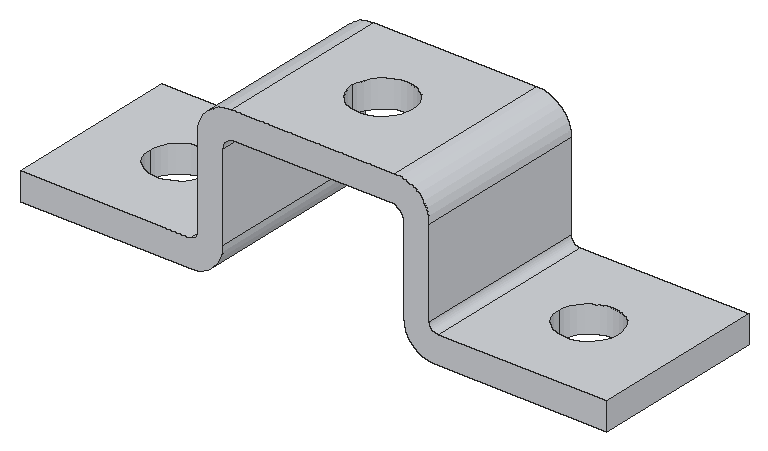
Revit family "Fitting-U_Shape-Unistrut-P4047", category Specialty Equipment, Revit 2012
Parameters (values of type "P4047")
  ecoScorecard_data = "http://products.ecoscorecard.com/atkore/P4047"
  ecoScorecard Product Page = "http://products.ecoscorecard.com/atkore/P4047?action=html"
  Weight Per Piece = 0.71 lbf
  Unit = none
  Unistrut Part Number = "P4047"  # constant formula
  URL = "http://unistrut.us/index.php"
  Thickness = 1/4"
  Subcategory = "U Shape Fittings"
  Product Page URL = "http://unistrut.us/index.php?WP=cat_detail&S=S05&P=P4047"
  Power Strut Part Number = "PS 929"  # constant formula
  Part Type = "Fitting"  # constant formula
  Overall Width = 5 3/8"
  Overall Length = 1 3/16"
  Overall Height = 1 5/8"
  Model = "P4047"
  Material = ""
  Manufacturer Phone - Toll Free = "800-882-5543"  # constant formula
  Manufacturer Phone = "708-339-1610"  # constant formula
  Manufacturer Fax = "708-339-7814"  # constant formula
  Manufacturer Email = "mailto:jshaw@atkore.com"
  Manufacturer Address = "16100 South Lathrop Avenue, Harvey, IL 60426"  # constant formula
  Manufacturer = "Unistrut by Atkore International"  # constant formula
  Load Capacity Note = "Visit the product page for load application and capacity."  # constant formula
  Literature URL = "http://unistrut.us/index.php?WP=LItLibrary"
  Hole Diameter = 9/16"
  Default Elevation = 48"
  Cost Info = "mailto:jshaw@atkore.com"
  Construction Note = ""
  Category = "Specialty Equipment"  # constant formula
  CAD URL = "http://unistrut.us/index.php?WP=CAD3d"
  Assembly Code = "D5020100"
  Angle = 0.00°
  95 CSI = "16070"  # constant formula
  04 CSI = "26 05 48"  # constant formula
Reference planes (in)
  plane 1 "Center (Front/Back)": y = 0
  plane 2: z = 0
  plane 3 "Center (Left/Right)": x = 0
  plane 4: y = 0.8125
  plane 5: y = -0.8125
  plane 6: x = 2.6875
  plane 7: x = -2.6875
  plane 8: z = 1.4375
  plane 9: z = 1.1875
  plane 10: z = 0.25
  plane 11: x = 1.875
  plane 12: x = -1.875
Dimensions and locks (in)
  equal spacing: plane 5, plane 1 "Center (Front/Back)", plane 4
  equal spacing: plane 7, plane 3 "Center (Left/Right)", plane 6
  "Overall Width": plane 7 to plane 6
  "Overall Height": plane 5 to plane 4
  "Overall Length": plane 9 to level
  locked: plane 8 to plane 9 at 0.25
  aligned and locked: level to plane 2
  aligned and locked: plane 3 "Center (Left/Right)" to nested 1
  aligned and locked: plane 1 "Center (Front/Back)" to nested 1
Nested families (in)
  nested 1: "4047" at (0, 0, 0), type "4047"
Definition of nested family "4047"
  Parameters (values of type "4047")
    Unit = none
    URL = ""
    Thickness = 1/4"
    Subcategory = ""
    Product Page URL = ""
    Overall Width = 5 3/8"
    Overall Length = 1 3/16"
    Overall Height = 1 5/8"
    Model = "P4047"
    Material = ""
    Manufacturer = ""
    Length = 0"
    Hole Radius = 9/32"
    Hole Diameter = Hole Radius * 2  # 9/16"
    Assembly Code = ""
  Reference planes (in)
    plane 1 "Center (Front/Back)": y = 0
    plane 2: z = 0
    plane 3 "Center (Left/Right)": x = 0
    plane 4: y = 0.8125
    plane 5: y = -0.8125
    plane 6: x = -2.6875
    plane 7: x = 0.82813
    plane 8: x = 2.6875
    plane 9: z = 1.4375
    plane 10: x = -0.82813
    plane 11: x = -1.0625
    plane 12: x = 1.0625
    plane 13: z = 0.25
    plane 14: z = 1.1875
  Forms (in)
    Extrusion 1, solid, material <- "Unit"
      sketch origin (0, 0, 0) x (1, 0, 0) y (0, 0, 1)
        loop
          line (-2.6875, 0) -> (-1.11534, 0)
          arc (-1.11534, 0) -> (-0.91225, 0.08412) -> (-0.82813, 0.28722) r 0.28722
          line (-0.82813, 0.28722) -> (-0.82813, 1.08573)
          arc (-0.82813, 1.08573) -> (-0.79832, 1.15769) -> (-0.72636, 1.1875) r 0.10177
          line (-0.72636, 1.1875) -> (0.70313, 1.1875)
          arc (0.70313, 1.1875) -> (0.79151, 1.15089) -> (0.82813, 1.0625) r 0.125
          line (0.82813, 1.0625) -> (0.82813, 0.28616)
          arc (0.82813, 0.28616) -> (0.91194, 0.08381) -> (1.11429, 0) r 0.28616
          line (1.11429, 0) -> (2.6875, 0) -> (2.6875, 0.25) -> (1.14393, 0.25)
          arc (1.14393, 0.25) -> (1.08635, 0.27385) -> (1.0625, 0.33143) r 0.08143
          line (1.0625, 0.33143) -> (1.0625, 1.125)
          arc (1.0625, 1.125) -> (0.97097, 1.34597) -> (0.75, 1.4375) r 0.3125
          line (0.75, 1.4375) -> (-0.74925, 1.4375)
          arc (-0.74925, 1.4375) -> (-0.97075, 1.34575) -> (-1.0625, 1.12425) r 0.31325
          line (-1.0625, 1.12425) -> (-1.0625, 0.31641)
          arc (-1.0625, 0.31641) -> (-1.08195, 0.26945) -> (-1.12891, 0.25) r 0.06641
          line (-1.12891, 0.25) -> (-2.6875, 0.25) -> (-2.6875, 0)
      from -0.8125 to 0.8125
    Extrusion 2, void
      sketch origin (0, 0, 0) x (1, 0, 0) y (0, 1, 0)
        loop
          circle (-1.875, 0) r 0.27818
        loop
          circle (1.875, 0) r 0.27818
      from 0 to 0.25
    Extrusion 3, void
      sketch origin (0, 0, 0) x (1, 0, 0) y (0, 1, 0)
        loop
          circle (-0.01562, 0) r 0.28125
      from 1.1875 to 1.4375
  Cuts and joins
    Extrusion 2, Extrusion 3 cuts Extrusion 1
  Dimensions and locks (in)
    equal spacing: plane 5, plane 1 "Center (Front/Back)", plane 4
    "Overall Height": plane 4 to plane 5
    "Overall Length": plane 14 to plane 2
    "Thickness": plane 9 to plane 14
    equal spacing: plane 6, plane 3 "Center (Left/Right)", plane 8
    "Overall Width": plane 6 to plane 8
    "Thickness": plane 13 to plane 2
    plane 6 to Extrusion 2 sketch curve = 13/16"
    aligned and locked: level to plane 2
    aligned and locked: plane 6 to Extrusion 1 sketch curve
    aligned and locked: Extrusion 1 sketch curve to plane 13
    aligned and locked: Extrusion 1 sketch curve to plane 2
    aligned and locked: plane 7 to Extrusion 1 sketch curve
    aligned and locked: plane 12 to Extrusion 1 sketch curve
    aligned and locked: Extrusion 1 sketch curve to plane 9
    aligned and locked: Extrusion 1 sketch curve to plane 10
    aligned and locked: Extrusion 1 sketch curve to plane 11
    aligned and locked: Extrusion 1 sketch curve to plane 8
    aligned and locked: plane 4 to Extrusion 1
    aligned and locked: plane 5 to Extrusion 1
    aligned and locked: Extrusion 1 sketch curve to plane 14
    aligned and locked: plane 9 to Extrusion 3
    aligned and locked: Extrusion 1 to Extrusion 3
    aligned and locked: Extrusion 2 to level
    aligned and locked: plane 13 to Extrusion 2
  Automatic sketch dimensions
    Extrusion 1 sketch curve to level = 0"
    Extrusion 1 sketch curve to plane 13 = 0"
    plane 11 to Extrusion 1 sketch curve = 17/256"
    plane 13 to Extrusion 1 sketch curve = 0.03722"
    Extrusion 1 sketch curve to plane 10 = 0.07887"
    Extrusion 1 sketch curve to plane 7 = 5/64"
    Extrusion 1 sketch curve to plane 7 = 1/8"
    plane 13 to Extrusion 1 sketch curve = 0.03616"
    Extrusion 1 sketch curve to Extrusion 1 sketch curve = 0.02964"
    plane 1 "Center (Front/Back)" to Extrusion 3 sketch curve = 0"
    Extrusion 3 sketch curve to plane 3 "Center (Left/Right)" = 1/64"
    Extrusion 1 sketch curve to Extrusion 1 sketch curve = 0.03852"
    plane 1 "Center (Front/Back)" to Extrusion 2 sketch curve = 0"  (x2)
    plane 8 to Extrusion 2 sketch curve = 13/16"
    radius of Extrusion 3 sketch curve = 9/32"
    radius of Extrusion 2 sketch curve = 0.27818"  (x2)
